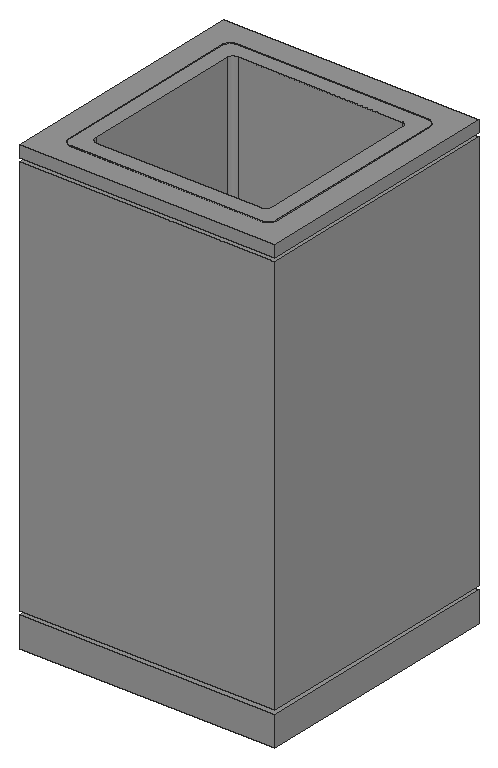
Revit family "HARVEY_20W_E27_LED", category Lighting Fixtures, host Ceiling, Revit 2021
Family settings
  Host = Ceiling
  Round Connector Dimension = Use Diameter
  Part Type = Normal
  OmniClass Number = 23.80.70.11
  OmniClass Title = Luminaries for Internal Lighting
  Always vertical = Yes
  Cut with Voids When Loaded = No
  Light Source = Yes
  Shared = No
  Room Calculation Point = No
Parameters (values of type "Type 1")
  Wattage = 9.2903 W
  built-in parameter 1150110 = 1 (stored number, unit not read)
  Type de lampe = "LED"
  Type de douille = "E27"
  Type = "Plafonnier"
  built-in parameter 1114217 = 1 (stored number, unit not read)
  Tilt Angle = 90.00°
  built-in parameter 1150109 = 1 (stored number, unit not read)
  built-in parameter 1150134 = (empty or 0)
  built-in parameter 1150113 = 1 (stored number, unit not read)
  built-in parameter 1010507 = 1.5708 (stored number, unit not read)
  built-in parameter 1010506 = 0.5236 (stored number, unit not read)
  Puissance nominale = "Max 20W"
  Matériau = "Corps en aluminium moulé sous pression"
  Lumens = 1380 lm
  built-in parameter 1150115 = 1 (stored number, unit not read)
  built-in parameter 1150105 = 4614.1 (stored number, unit not read)
  built-in parameter 1150131 = 3048 mm
  built-in parameter 1150137 = (empty or 0)
  built-in parameter 1150139 = (empty or 0)
  built-in parameter 1150112 = 1 (stored number, unit not read)
  built-in parameter 1150114 = 1 (stored number, unit not read)
  built-in parameter 1150132 = 2
  built-in parameter 1150102 = (empty or 0)
  built-in parameter 1150138 = (empty or 0)
  built-in parameter 1150107 = 3000 (stored number, unit not read)
  built-in parameter 1150106 = 46.141 (stored number, unit not read)
  IRC = "80"
  Fintion = "Gris anthracite"
  Emit from Rectangle Width = 609.6 mm
  Emit from Rectangle Length = 1219.2 mm
  Emit Shape Visible in Rendering = no
  built-in parameter 1150104 = 13.8 (stored number, unit not read)
  Dimming Lamp Color Temperature Shift = <None>
  Dimensions = "110 x 195 mm"
  Diffuseur = "Verre trempé"
  Default Elevation = 0 mm
  Color Filter = 16777215
  built-in parameter 1114218 = 1 (stored number, unit not read)
  Light Source Symbol Length = 3048 mm
  Alimentation Driver = "AC 220-240V / 50Hz"
Reference planes
  plane 1 "Light Source Axis (F/B)": y = 0
  plane 2: z = 0
  plane 3 "Light Source Axis (L/R)": x = 0
  plane 4 "Ceiling": z = 4000
  plane 5 "Light Source Elevation": z = 3800.395
Forms (mm)
  Extrusion 1, solid, material "Aluminum, Gris anthracite"
    sketch origin (0, 0, 4000) x (0, 1, 0) y (-1, 0, 0)
      loop
        line (55, 55) -> (-55, 55) -> (-55, -55) -> (55, -55) -> (55, 55)
      loop
        arc (45, 41.189) -> (43.884, 43.884) -> (41.189, 45) r 3.811
        line (41.189, 45) -> (-41.184, 45)
        arc (-41.184, 45) -> (-43.882, 43.882) -> (-45, 41.184) r 3.816
        line (-45, 41.184) -> (-45, -41.139)
        arc (-45, -41.139) -> (-43.869, -43.869) -> (-41.139, -45) r 3.861
        line (-41.139, -45) -> (41.145, -45)
        arc (41.145, -45) -> (43.871, -43.871) -> (45, -41.145) r 3.855
        line (45, -41.145) -> (45, 41.189)
    from -195 to 0
  Extrusion 2, solid, material "Aluminum, Black"
    sketch origin (0, 0, 4000) x (0, 1, 0) y (-1, 0, 0)
      loop
        line (-45, 41.128) -> (-45, -41.142)
        arc (-45, -41.142) -> (-43.87, -43.87) -> (-41.142, -45) r 3.858
        line (-41.142, -45) -> (41.128, -45)
        arc (41.128, -45) -> (43.866, -43.866) -> (45, -41.128) r 3.872
        line (45, -41.128) -> (45, 41.102)
        arc (45, 41.102) -> (43.858, 43.858) -> (41.102, 45) r 3.898
        line (41.102, 45) -> (-41.128, 45)
        arc (-41.128, 45) -> (-43.866, 43.866) -> (-45, 41.128) r 3.872
      loop
        arc (38.188, 35.433) -> (37.381, 37.381) -> (35.433, 38.188) r 2.755
        line (35.433, 38.188) -> (-35.399, 38.188)
        arc (-35.399, 38.188) -> (-37.397, 37.36) -> (-38.225, 35.362) r 2.825
        line (-38.225, 35.362) -> (-38.225, -35.405)
        arc (-38.225, -35.405) -> (-37.399, -37.399) -> (-35.405, -38.225) r 2.82
        line (-35.405, -38.225) -> (35.417, -38.225)
        arc (35.417, -38.225) -> (37.376, -37.413) -> (38.188, -35.454) r 2.771
        line (38.188, -35.454) -> (38.188, 35.433)
    from -195 to 0
  Extrusion 3, solid, material "Glass, White, High Luminance"
    sketch origin (0, 0, 4000) x (0, 1, 0) y (-1, 0, 0)
      loop
        arc (38.188, 35.163) -> (37.302, 37.302) -> (35.163, 38.188) r 3.025
        line (35.163, 38.188) -> (-35.248, 38.188)
        arc (-35.248, 38.188) -> (-37.353, 37.316) -> (-38.225, 35.21) r 2.977
        line (-38.225, 35.21) -> (-38.225, -35.25)
        arc (-38.225, -35.25) -> (-37.346, -37.372) -> (-35.224, -38.251) r 3.001
        line (-35.224, -38.251) -> (35.193, -38.251)
        arc (35.193, -38.251) -> (37.31, -37.374) -> (38.188, -35.257) r 2.995
        line (38.188, -35.257) -> (38.188, 35.163)
    from -195 to -191.618
  Extrusion 4, void
    sketch origin (0, 0, 4000) x (0, 1, 0) y (-1, 0, 0)
      loop
        line (51.87, 51.87) -> (-51.87, 51.87) -> (-51.87, -51.87) -> (51.87, -51.87) -> (51.87, 51.87)
      loop
        line (60, 60) -> (-60, 60) -> (-60, -60) -> (60, -60) -> (60, 60)
    from -182.056 to -180.279
  Extrusion 5, void
    sketch origin (-1.87, 0, 4095) x (0, 1, 0) y (-1, 0, 0)
      loop
        line (51.87, 51.87) -> (-51.87, 51.87) -> (-51.87, -51.87) -> (51.87, -51.87) -> (51.87, 51.87)
      loop
        line (60, 60) -> (-60, 60) -> (-60, -60) -> (60, -60) -> (60, 60)
    from -101.535 to -100
Cuts and joins
  Extrusion 4, Extrusion 5 cuts Extrusion 1
Lines and regions (mm)
  reference lines
    curve 1: line (0, 0, 4000) -> (55, 0, 4000)
    curve 2: line (55, 0, 4000) -> (55, 55, 4000)
    curve 3: line (55, 55, 4000) -> (-55, 55, 4000)
    curve 4: line (-55, 55, 4000) -> (-55, -55, 4000)
    curve 5: line (-55, -55, 4000) -> (55, -55, 4000)
    curve 6: line (55, -55, 4000) -> (55, 0, 4000)
    curve 7: line (0, 0, 4000) -> (0, 0, 3805)
    curve 8: line (0, 0, 3805) -> (-55, 0, 3805)
    curve 9: line (-55, 0, 3805) -> (-55, 0, 4000)
    curve 10: line (-55, 0, 4000) -> (55, 0, 4000)
    curve 11: line (55, 0, 4000) -> (55, 0, 3805)
    curve 12: line (55, 0, 3805) -> (0, 0, 3805)
Dimensions and locks
  equal spacing: host sketch curve, plane 3 "Light Source Axis (L/R)", host sketch curve
  equal spacing: host sketch curve, plane 1 "Light Source Axis (F/B)", host sketch curve
  host sketch curve to host sketch curve = 4000 mm  (x2)
  plane 4 "Ceiling" to host ceiling = 0 mm
  plane 3 "Light Source Axis (L/R)" to Extrusion 1 = 55 mm
  aligned and locked: plane 1 "Light Source Axis (F/B)" to imposter light
  aligned and locked: plane 5 "Light Source Elevation" to imposter light
